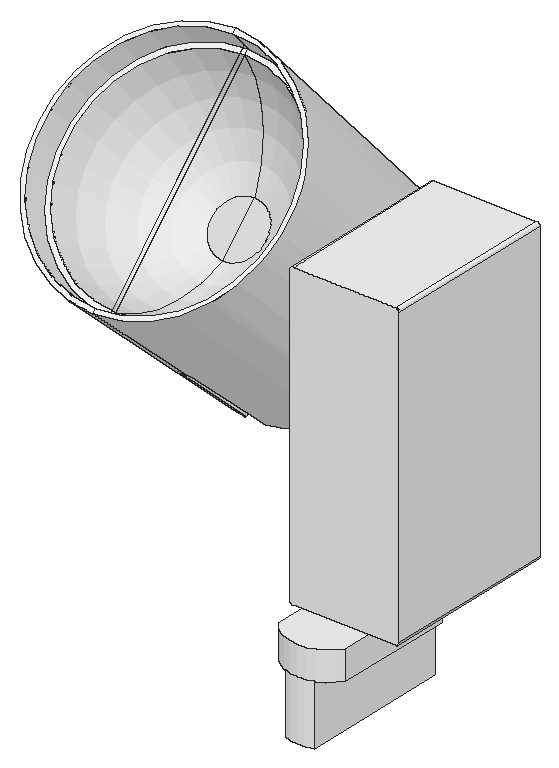
Revit family "0004938 Feilo Sylvania Lighting Fixture START TRACK SPOT L DALI 4824LM 940 WB WHT", category Lighting Fixtures, host Face, Revit 2017
Family settings
  Host = Face
  Round Connector Dimension = Use Diameter
  Part Type = Normal
  OmniClass Number = 23.80.70.00
  OmniClass Title = Lighting
  Cut with Voids When Loaded = No
  Light Source = No
  Shared = No
  Room Calculation Point = No
Parameters (values of type "0004938 START TRACK SPOT L DALI 4824LM 940 WB WHT")
  Weight = "1.398 kg"
  Wattage Comments = ""
  WarrantyStartDate [instance] = "n/a"
  WarrantyGuarantorParts = "n/a"
  WarrantyDurationUnit = "n/a"
  WarrantyDurationParts = "n/a"
  WarrantyDescription = "n/a"
  Voltage = 230 V
  URL = "http://www.sylvania-lighting.com/"
  TypeName = "START TRACK SPOT L DALI 4824LM 940 WB WHT"
  TypeHead_FEILO = Start Track Spot Head : 0004882 START TRACK SPOT L 55W 4K RA90 WB WHITE
  TypeBox_FEILO = Start Track Spot Box : Type Large White
  Type Image = <None>
  Type Comments = "n/a"
  VerticalRotation_FEILO [instance] = 0.00°
  SlideEndAngle_FEILO [instance] = VerticalRotation_FEILO + 180.00°  # 180.00°
  SerialNumber [instance] = "n/a"
  Material_3_FEILO = none
  PowerFactor = 0.96
  PowerConsumption = "55 W"
  NominalLength = 0 mm
  NominalHeight = 240 mm
  NominalDepth = 164 mm
  Name = "START TRACK SPOT L DALI 4824LM 940 WB WHT"
  ModelReference = Name  # "START TRACK SPOT L DALI 4824LM 940 WB WHT"
  ModelNumber = "0004938"
  Model = Name  # "START TRACK SPOT L DALI 4824LM 940 WB WHT"
  Material = "adc12 aluminium housing, polycarbonate diffuser"
  ManufacturerName = "Feilo Sylvania"
  Manufacturer = "Feilo Sylvania"
  LuminousEfficacy = "88 lm/W"
  LuminaireType = ""
  LightOutputRatio = "100"
  LampsType = Lamp  # "LED"
  LampNominalLuminous = "4824 lm"
  LampMacAdamStep = "3"
  LampColourTemperature = "4000 K"
  LampColourRenderingIndex = "90"
  Lamp = "LED"
  Keynote = "16500"
  InstallationDate [instance] = "n/a"
  InputVoltage = "230-240V~"
  InputNominalFrequency = "50/60 Hz"
  IngressProtection = "IP20"
  ImpactProtectionIndex = "IK02"
  IfcExportType = "IfcLightFixtureType"
  IfcExportAs = "IfcLightFixtureType"
  HorizontalRotation_FEILO [instance] = 45.00°
  ExpectedLife = 50000
  ElectricShockClassification = "Class II"
  DurationUnit = "hours"
  DocumentationLiterature = "http://www.sylvania-lighting.com/product/en-int/products/0004882"
  DimmingControlOptions = "Dimmable"
  Material_2_FEILO = none
  Description = "Integrated LED spotlight, Textured White - RAL9016, compact and minimalist design, ideal for retail applications, die-cast aluminium body, passive cooling heatsink. Beam angle: 52°, color temperature: 4000K , total system power: 55W, total fixture output: 4824 lm, LOR: 100%, colour rendering: Ra: 90 typical, LED Chromaticity: 3 step MacAdam ellipse, lifetime: >50000 hours at L70B50, energy class: A++, A+, A, IR/UV free light source without heat radiation, operating voltage: 220-240V / 50-60Hz, drive current: 1400mA, electronic driver, non-dimmable, power factor: 0.96, electrical protection: Class II, Global Track 3 Phase adapter suitable for Global trac 3-circuit tracks, ingress protection rating: IP20, suitable for internal environment only, horizontal rotation: 355°, vertical tilt: 90°, dimensions: Ø113x164x240, weight: 1.398kg."
  Default Elevation = 1219.2 mm
  CreatedOn = "04/26/2018"
  CreatedBy = ""
  Cost = 0
  built-in parameter 1114216 [instance] = (empty or 0)
  ClassificationValue = "EF_70_80"
  ClassificationName = "Uniclass2015"
  Material_1_FEILO = Body-Sylvania-StartTrackSpot-White
  BarCode [instance] = "n/a"
  AssetType = "Fixed"
  AssetIdentifier [instance] = "n/a"
  Assembly Code = "D5020200"
  Apparent Load = 55 VA
  Material_4_FEILO = none
Reference planes
  plane 1 "Center (Front/Back)": y = 0
  plane 2: z = 0
  plane 3 "Center (Left/Right)": x = 0
  plane 4: x = 15
  plane 5: x = -15
  plane 6: y = 35
  plane 7: y = -35
  plane 8: z = 13
  plane 9: z = -27
  plane 10: x = 6.5
  plane 11: x = -6.5
  plane 12: y = 27
  plane 13: y = -27
  plane 14: y = 20
Forms (mm)
  Extrusion 1, solid, material "Body-Sylvania-StartTrackSpot-White" <- "Material_1_FEILO"
    sketch origin (0, 0, 0) x (1, 0, 0) y (0, 1, 0)
      loop
        line (-15, 27) -> (-15, -27)
        arc (-15, -27) -> (0, -35) -> (15, -27) r 18.062
        line (15, -27) -> (15, 27)
        arc (15, 27) -> (0, 35) -> (-15, 27) r 18.062
    from 0 to 13
  Extrusion 2, solid, material "Body-Sylvania-StartTrackSpot-White" <- "Material_1_FEILO"
    sketch origin (0, 0, 0) x (1, 0, 0) y (0, 1, 0)
      loop
        arc (6.5, 33.79) -> (0, 35) -> (-6.5, 33.79) r 18.062
        line (-6.5, 33.79) -> (-6.5, -33.79)
        arc (-6.5, -33.79) -> (0, -35) -> (6.5, -33.79) r 18.062
        line (6.5, -33.79) -> (6.5, 33.79)
    from 0 to -27
  Revolve 3, solid, not visible
    sketch origin (1524, 20, 1219.2) x (1, 0, 0) y (0, 0, 1)
      loop
        line (-1524, -1206.2) -> (-1524, -1191.285) -> (-1530.5, -1191.285) -> (-1530.5, -1206.2) -> (-1524, -1206.2)
      axis (-1524, -1191.285) -> (-1524, -1206.2)
    angle from 0 <- "VerticalRotation_FEILO" to 180 <- "SlideEndAngle_FEILO"
Cuts and joins
  joined: Extrusion 1, Extrusion 2
Dimensions and locks
  equal spacing: plane 10, plane 3 "Center (Left/Right)", plane 11
  equal spacing: plane 4, plane 3 "Center (Left/Right)", plane 5
  locked: plane 8 to plane 2 at 13
  locked: plane 8 to plane 9 at 40
  equal spacing: plane 13, plane 1 "Center (Front/Back)", plane 12
  locked: plane 12 to plane 6 at 8
  locked: plane 14 to plane 6 at 15
  locked: Revolve 3 sketch curve to plane 8 at 14.915
  aligned and locked: plane 2 to host face
  aligned and locked: level to host face
  aligned and locked: plane 5 to Extrusion 1 sketch curve  (x2)
  aligned and locked: plane 12 to Extrusion 1 sketch curve
  aligned and locked: plane 13 to Extrusion 1 sketch curve
  aligned and locked: plane 4 to Extrusion 1 sketch curve
  aligned and locked: Extrusion 1 to plane 8
  aligned and locked: Extrusion 1 to level
  aligned and locked: Extrusion 2 sketch curve to Extrusion 1  (x2)
  aligned and locked: Extrusion 2 sketch curve to plane 11
  aligned and locked: plane 10 to Extrusion 2 sketch curve
  aligned and locked: plane 9 to Extrusion 2
  aligned and locked: level to Extrusion 2
  aligned and locked: Revolve 3 sketch curve to plane 3 "Center (Left/Right)"  (x2)
  aligned and locked: plane 11 to Revolve 3 sketch curve
  aligned and locked: Revolve 3 sketch curve to plane 8
Automatic sketch dimensions
  host sketch curve to host sketch curve = 2438.4 mm  (x2)
  Extrusion 1 sketch curve to plane 3 "Center (Left/Right)" = 0 mm  (x2)
  Extrusion 1 sketch curve to plane 13 = 10.062 mm
  plane 12 to Extrusion 1 sketch curve = 10.062 mm
  Revolve 3 sketch curve to plane 3 "Center (Left/Right)" = 0 mm
  plane 9 to Revolve 3 sketch curve = 582.6 mm
  Revolve 3 sketch curve to Revolve 3 sketch curve = 2581.144 mm
Nested families
  nested 1: "Start Track Spot Head" at (-75.5, 20, 133) x (0, 0.7071, 0.7071) z (0, 0.7071, -0.7071), type <- "TypeHead_FEILO", type "0004882 START TRACK SPOT L 55W 4K RA90 WB WHITE"
    with built-in parameter 1114216 (empty or 0)
  nested 2: "Start Track Spot Box" at (8.5, 20, 85) x (-1, 0, 0) z (0, -1, 0), BoxStartAngle_FEILO <- "HorizontalRotation_FEILO", type <- "TypeBox_FEILO", type "Type Large White"
    with BoxStartAngle_FEILO 45.00°, BoxEndAngle_FEILO -135.00°
Connectors
  electrical at (0, 0, 0), driven by "Apparent Load", driven by "PowerFactor", driven by "Voltage"
    settings: index 1, voltage 230 V, apparent load 55 VA, apparent load phase1 0 VA, apparent load phase2 0 VA, apparent load phase3 0 VA, power factor 0.96, load classification "Lighting", number of poles 1, system type 30, power factor state 1, is connector primary yes, connector utility no, sub classification motor no, connector description ""
Definition of nested family "Start Track Spot Head"
  Parameters (values of type "0004811 START TRACK SPOT S 14W 3K RA80 NB WHITE")
    Wattage Comments = "n/a"
    Wattage = 14 W
    built-in parameter 1150110 = 1 (stored number, unit not read)
    URL = "http://www.feilosylvania.com"
    Type Image = (empty or 0)
    Type Comments = "n/a"
    built-in parameter 1114217 = 1 (stored number, unit not read)
    Tilt Angle = -90.00°
    built-in parameter 1150109 = 1 (stored number, unit not read)
    built-in parameter 1150134 = (empty or 0)
    built-in parameter 1150113 = 1 (stored number, unit not read)
    Photometric Web File = "0004811.ies"
    Material_3_FEILO = none
    Model = "START TRACK SPOT S 14W 3K RA80 NB WHITE"
    Manufacturer = "Feilo Sylvania"
    built-in parameter 1150105 = 123.66 (stored number, unit not read)
    Lumens = 1554 lm
    built-in parameter 1150115 = 1 (stored number, unit not read)
    built-in parameter 1150137 = (empty or 0)
    built-in parameter 1150139 = (empty or 0)
    built-in parameter 1150112 = 1 (stored number, unit not read)
    built-in parameter 1150114 = 1 (stored number, unit not read)
    Lamp = "LED"
    Keynote = "16500"
    Material_2_FEILO = none
    built-in parameter 1150132 = (empty or 0)
    built-in parameter 1150102 = (empty or 0)
    built-in parameter 1150107 = 3000 (stored number, unit not read)
    built-in parameter 1150138 = (empty or 0)
    built-in parameter 1150106 = 1.2366 (stored number, unit not read)
    HeadThickness_FEILO = if(HeadDiaOut_FEILO > 112 mm, 2 mm, 1.5 mm)  # 1.5 mm
    HeadRibOffset_FEILO = HeadHeight_FEILO / 28  # 4.179 mm
    HeadRibDepth_FEILO = HeadHeight_FEILO / 2.1  # 55.714 mm
    HeadRibCutWidth_FEILO = HeadDiaOut_FEILO / 12  # 7.167 mm
    HeadRibCutOffset_FEILO = HeadHeight_FEILO / 2.3  # 50.87 mm
    HeadReflectorRadius_FEILO = HeadDiaOut_FEILO / 1.7  # 50.588 mm
    HeadReflectorOffset_FEILO = HeadHeight_FEILO / 2.1  # 55.714 mm
    HeadLEDRadius_FEILO = HeadDiaOut_FEILO / 9  # 9.556 mm
    HeadHeight_FEILO = 117 mm
    HeadDraft_FEILO = 1 mm
    HeadDiffusorThickness_FEILO = 3 mm
    HeadDiffusorOffset_FEILO = HeadHeight_FEILO / 12.4  # 9.435 mm
    HeadDiaOut_FEILO = 86 mm
    HeadDiaIn_FEILO = HeadDiaOut_FEILO / 1.11  # 77.477 mm
    HeadAxisFromTop_FEILO = HeadHeight_FEILO / 1.687  # 69.354 mm
    Emit from Circle Diameter = HeadDiaIn_FEILO  # 77.477 mm
    Emit Shape Visible in Rendering = no
    built-in parameter 1150104 = 10.312 (stored number, unit not read)
    Dimming Lamp Color Temperature Shift = (empty or 0)
    Description = "Integrated LED spotlight, Textured White - RAL9016, compact and minimalist design, ideal for retail applications, die-cast aluminium body, passive cooling heatsink. Beam angle: 12°, color temperature: 3000K , total system power: 14W, total fixture output: 1551 lm, LOR: 100%, colour rendering: Ra: 80 typical, LED Chromaticity: 3 step MacAdam ellipse, lifetime: >50000 hours at L70B50, energy class: A++, A+, A, IR/UV free light source without heat radiation, operating voltage: 220-240V / 50-60Hz, drive current: 350mA, electronic driver, non-dimmable, power factor: 0.92, electrical protection: Class II, Global Track 3 Phase adapter suitable for Global trac 3-circuit tracks, ingress protection rating: IP20, suitable for internal environment only, horizontal rotation: 355°, vertical tilt: 90°, dimensions: Ø86x140x200, weight: 0.940kg."
    Default Elevation = 1219.2 mm
    Cost = 0
    Color Filter = 16777215
    built-in parameter 1114216 [instance] = (empty or 0)
    Material_1_FEILO = none
    built-in parameter 1114218 = 1 (stored number, unit not read)
    built-in parameter 1150133 = 10 (stored number, unit not read)
    Assembly Code = "D5020200"
    Apparent Load = 14 VA
    Material_4_FEILO = none
  Types (96, lengths in mm): name | Wattage | built-in parameter 1150134 | Photometric Web File | Model | built-in parameter 1150105 | Lumens | built-in parameter 1150107 | built-in parameter 1150106 | HeadThickness_FEILO | HeadRibOffset_FEILO | HeadRibDepth_FEILO | HeadRibCutWidth_FEILO | HeadRibCutOffset_FEILO | HeadReflectorRadius_FEILO | HeadReflectorOffset_FEILO | HeadLEDRadius_FEILO | HeadHeight_FEILO | HeadDiffusorOffset_FEILO | HeadDiaOut_FEILO | HeadDiaIn_FEILO | HeadAxisFromTop_FEILO | Emit from Circle Diameter | built-in parameter 1150104 | Description | Apparent Load
    0004906 START TRACK SPOT L 55W 4K RA90 WB BLACK | 55 W | 12 | "0004906.ies" | "START TRACK SPOT L 55W 4K RA90 WB BLACK" | 385.15 (stored number, unit not read) | 4840 lm | 4000 (stored number, unit not read) | 3.8515 (stored number, unit not read) | 2 | 4.429 | 59.048 | 9.417 | 53.913 | 66.471 | 59.048 | 12.556 | 124 | 10 | 113 | 101.802 | 73.503 | 101.802 | 8.1755 (stored number, unit not read) | "Integrated LED spotlight, Textured Black - RAL9005, compact and minimalist design, ideal for retail applications, die-cast aluminium body, passive cooling heatsink. Beam angle: 52°, color temperature: 4000K , total system power: 55W, total fixture output: 4824 lm, LOR: 100%, colour rendering: Ra: 90 typical, LED Chromaticity: 3 step MacAdam ellipse, lifetime: >50000 hours at L70B50, energy class: A++, A+, A, IR/UV free light source without heat radiation, operating voltage: 220-240V / 50-60Hz, drive current: 1400mA, electronic driver, non-dimmable, power factor: 0.96, electrical protection: Class II, Global Track 3 Phase adapter suitable for Global trac 3-circuit tracks, ingress protection rating: IP20, suitable for internal environment only, horizontal rotation: 355°, vertical tilt: 90°, dimensions: Ø113x164x240, weight: 1.398kg." | 55 VA
    0004905 START TRACK SPOT L 55W 4K RA90 MB BLACK | 55 W | 12 | "0004905.ies" | "START TRACK SPOT L 55W 4K RA90 MB BLACK" | 389.53 (stored number, unit not read) | 4895 lm | 4000 (stored number, unit not read) | 3.8953 (stored number, unit not read) | 2 | 4.429 | 59.048 | 9.417 | 53.913 | 66.471 | 59.048 | 12.556 | 124 | 10 | 113 | 101.802 | 73.503 | 101.802 | 8.2684 (stored number, unit not read) | "Integrated LED spotlight, Textured Black - RAL9005, compact and minimalist design, ideal for retail applications, die-cast aluminium body, passive cooling heatsink. Beam angle: 38°, color temperature: 4000K , total system power: 55W, total fixture output: 4897 lm, LOR: 100%, colour rendering: Ra: 90 typical, LED Chromaticity: 3 step MacAdam ellipse, lifetime: >50000 hours at L70B50, energy class: A++, A+, A, IR/UV free light source without heat radiation, operating voltage: 220-240V / 50-60Hz, drive current: 1400mA, electronic driver, non-dimmable, power factor: 0.96, electrical protection: Class II, Global Track 3 Phase adapter suitable for Global trac 3-circuit tracks, ingress protection rating: IP20, suitable for internal environment only, horizontal rotation: 355°, vertical tilt: 90°, dimensions: Ø113x164x240, weight: 1.398kg." | 55 VA
    0004904 START TRACK SPOT L 55W 4K RA90 NB BLACK | 55 W | 12 | "0004904.ies" | "START TRACK SPOT L 55W 4K RA90 NB BLACK" | 393.91 (stored number, unit not read) | 4950 lm | 4000 (stored number, unit not read) | 3.9391 (stored number, unit not read) | 2 | 4.429 | 59.048 | 9.417 | 53.913 | 66.471 | 59.048 | 12.556 | 124 | 10 | 113 | 101.802 | 73.503 | 101.802 | 8.3613 (stored number, unit not read) | "Integrated LED spotlight, Textured Black - RAL9005, compact and minimalist design, ideal for retail applications, die-cast aluminium body, passive cooling heatsink. Beam angle: 15°, color temperature: 4000K , total system power: 55W, total fixture output: 4965 lm, LOR: 100%, colour rendering: Ra: 90 typical, LED Chromaticity: 3 step MacAdam ellipse, lifetime: >50000 hours at L70B50, energy class: A++, A+, A, IR/UV free light source without heat radiation, operating voltage: 220-240V / 50-60Hz, drive current: 1400mA, electronic driver, non-dimmable, power factor: 0.96, electrical protection: Class II, Global Track 3 Phase adapter suitable for Global trac 3-circuit tracks, ingress protection rating: IP20, suitable for internal environment only, horizontal rotation: 355°, vertical tilt: 90°, dimensions: Ø113x164x240, weight: 1.398kg." | 55 VA
    0004903 START TRACK SPOT L 35W 4K RA90 WB BLACK | 35 W | 12 | "0004903.ies" | "START TRACK SPOT L 35W 4K RA90 WB BLACK" | 284.09 (stored number, unit not read) | 3570 lm | 4000 (stored number, unit not read) | 2.8409 (stored number, unit not read) | 2 | 4.429 | 59.048 | 9.417 | 53.913 | 66.471 | 59.048 | 12.556 | 124 | 10 | 113 | 101.802 | 73.503 | 101.802 | 9.4761 (stored number, unit not read) | "Integrated LED spotlight, Textured Black - RAL9005, compact and minimalist design, ideal for retail applications, die-cast aluminium body, passive cooling heatsink. Beam angle: 52°, color temperature: 4000K , total system power: 35W, total fixture output: 3562 lm, LOR: 100%, colour rendering: Ra: 90 typical, LED Chromaticity: 3 step MacAdam ellipse, lifetime: >50000 hours at L70B50, energy class: A++, A+, A, IR/UV free light source without heat radiation, operating voltage: 220-240V / 50-60Hz, drive current: 900mA, electronic driver, non-dimmable, power factor: 0.93, electrical protection: Class II, Global Track 3 Phase adapter suitable for Global trac 3-circuit tracks, ingress protection rating: IP20, suitable for internal environment only, horizontal rotation: 355°, vertical tilt: 90°, dimensions: Ø113x164x240, weight: 1.368kg." | 35 VA
    0004902 START TRACK SPOT L 35W 4K RA90 MB BLACK | 35 W | 12 | "0004902.ies" | "START TRACK SPOT L 35W 4K RA90 MB BLACK" | 286.88 (stored number, unit not read) | 3605 lm | 4000 (stored number, unit not read) | 2.8688 (stored number, unit not read) | 2 | 4.429 | 59.048 | 9.417 | 53.913 | 66.471 | 59.048 | 12.556 | 124 | 10 | 113 | 101.802 | 73.503 | 101.802 | 9.569 (stored number, unit not read) | "Integrated LED spotlight, Textured Black - RAL9005, compact and minimalist design, ideal for retail applications, die-cast aluminium body, passive cooling heatsink. Beam angle: 38°, color temperature: 4000K , total system power: 35W, total fixture output: 3616 lm, LOR: 100%, colour rendering: Ra: 90 typical, LED Chromaticity: 3 step MacAdam ellipse, lifetime: >50000 hours at L70B50, energy class: A++, A+, A, IR/UV free light source without heat radiation, operating voltage: 220-240V / 50-60Hz, drive current: 900mA, electronic driver, non-dimmable, power factor: 0.93, electrical protection: Class II, Global Track 3 Phase adapter suitable for Global trac 3-circuit tracks, ingress protection rating: IP20, suitable for internal environment only, horizontal rotation: 355°, vertical tilt: 90°, dimensions: Ø113x164x240, weight: 1.368kg." | 35 VA
    0004901 START TRACK SPOT L 35W 4K RA90 NB BLACK | 35 W | 12 | "0004901.ies" | "START TRACK SPOT L 35W 4K RA90 NB BLACK" | 286.88 (stored number, unit not read) | 3605 lm | 4000 (stored number, unit not read) | 2.8688 (stored number, unit not read) | 2 | 4.429 | 59.048 | 9.417 | 53.913 | 66.471 | 59.048 | 12.556 | 124 | 10 | 113 | 101.802 | 73.503 | 101.802 | 9.569 (stored number, unit not read) | "Integrated LED spotlight, Textured Black - RAL9005, compact and minimalist design, ideal for retail applications, die-cast aluminium body, passive cooling heatsink. Beam angle: 15°, color temperature: 4000K , total system power: 35W, total fixture output: 3593 lm, LOR: 100%, colour rendering: Ra: 90 typical, LED Chromaticity: 3 step MacAdam ellipse, lifetime: >50000 hours at L70B50, energy class: A++, A+, A, IR/UV free light source without heat radiation, operating voltage: 220-240V / 50-60Hz, drive current: 900mA, electronic driver, non-dimmable, power factor: 0.93, electrical protection: Class II, Global Track 3 Phase adapter suitable for Global trac 3-circuit tracks, ingress protection rating: IP20, suitable for internal environment only, horizontal rotation: 355°, vertical tilt: 90°, dimensions: Ø113x164x240, weight: 1.368kg." | 35 VA
    0004900 START TRACK SPOT S 24W 4K RA90 WB BLACK | 24 W | 12 | "0004900.ies" | "START TRACK SPOT S 24W 4K RA90 WB BLACK" | 166.16 (stored number, unit not read) | 2088 lm | 4000 (stored number, unit not read) | 1.6616 (stored number, unit not read) | 1.5 | 4.179 | 55.714 | 7.167 | 50.87 | 50.588 | 55.714 | 9.556 | 117 | 9.435 | 86 | 77.477 | 69.354 | 77.477 | 8.0826 (stored number, unit not read) | "Integrated LED spotlight, Textured Black - RAL9005, compact and minimalist design, ideal for retail applications, die-cast aluminium body, passive cooling heatsink. Beam angle: 64°, color temperature: 4000K , total system power: 24W, total fixture output: 2087 lm, LOR: 100%, colour rendering: Ra: 90 typical, LED Chromaticity: 3 step MacAdam ellipse, lifetime: >50000 hours at L70B50, energy class: A++, A+, A, IR/UV free light source without heat radiation, operating voltage: 220-240V / 50-60Hz, drive current: 600mA, electronic driver, non-dimmable, power factor: 0.95, electrical protection: Class II, Global Track 3 Phase adapter suitable for Global trac 3-circuit tracks, ingress protection rating: IP20, suitable for internal environment only, horizontal rotation: 355°, vertical tilt: 90°, dimensions: Ø86x140x200, weight: 0.966kg." | 24 VA
    0004899 START TRACK SPOT S 24W 4K RA90 MB BLACK | 24 W | 12 | "0004899.ies" | "START TRACK SPOT S 24W 4K RA90 MB BLACK" | 169.98 (stored number, unit not read) | 2136 lm | 4000 (stored number, unit not read) | 1.6998 (stored number, unit not read) | 1.5 | 4.179 | 55.714 | 7.167 | 50.87 | 50.588 | 55.714 | 9.556 | 117 | 9.435 | 86 | 77.477 | 69.354 | 77.477 | 8.2684 (stored number, unit not read) | "Integrated LED spotlight, Textured Black - RAL9005, compact and minimalist design, ideal for retail applications, die-cast aluminium body, passive cooling heatsink. Beam angle: 36°, color temperature: 4000K , total system power: 24W, total fixture output: 2141 lm, LOR: 100%, colour rendering: Ra: 90 typical, LED Chromaticity: 3 step MacAdam ellipse, lifetime: >50000 hours at L70B50, energy class: A++, A+, A, IR/UV free light source without heat radiation, operating voltage: 220-240V / 50-60Hz, drive current: 600mA, electronic driver, non-dimmable, power factor: 0.95, electrical protection: Class II, Global Track 3 Phase adapter suitable for Global trac 3-circuit tracks, ingress protection rating: IP20, suitable for internal environment only, horizontal rotation: 355°, vertical tilt: 90°, dimensions: Ø86x140x200, weight: 0.966kg." | 24 VA
    0004898 START TRACK SPOT S 24W 4K RA90 NB BLACK | 24 W | 12 | "0004898.ies" | "START TRACK SPOT S 24W 4K RA90 NB BLACK" | 171.89 (stored number, unit not read) | 2160 lm | 4000 (stored number, unit not read) | 1.7189 (stored number, unit not read) | 1.5 | 4.179 | 55.714 | 7.167 | 50.87 | 50.588 | 55.714 | 9.556 | 117 | 9.435 | 86 | 77.477 | 69.354 | 77.477 | 8.3613 (stored number, unit not read) | "Integrated LED spotlight, Textured Black - RAL9005, compact and minimalist design, ideal for retail applications, die-cast aluminium body, passive cooling heatsink. Beam angle: 12°, color temperature: 4000K , total system power: 24W, total fixture output: 2155 lm, LOR: 100%, colour rendering: Ra: 90 typical, LED Chromaticity: 3 step MacAdam ellipse, lifetime: >50000 hours at L70B50, energy class: A++, A+, A, IR/UV free light source without heat radiation, operating voltage: 220-240V / 50-60Hz, drive current: 600mA, electronic driver, non-dimmable, power factor: 0.95, electrical protection: Class II, Global Track 3 Phase adapter suitable for Global trac 3-circuit tracks, ingress protection rating: IP20, suitable for internal environment only, horizontal rotation: 355°, vertical tilt: 90°, dimensions: Ø86x140x200, weight: 0.966kg." | 24 VA
    0004897 START TRACK SPOT S 14W 4K RA90 WB BLACK | 14 W | 12 | "0004897.ies" | "START TRACK SPOT S 14W 4K RA90 WB BLACK" | 108.07 (stored number, unit not read) | 1358 lm | 4000 (stored number, unit not read) | 1.0807 (stored number, unit not read) | 1.5 | 4.179 | 55.714 | 7.167 | 50.87 | 50.588 | 55.714 | 9.556 | 117 | 9.435 | 86 | 77.477 | 69.354 | 77.477 | 9.0116 (stored number, unit not read) | "Integrated LED spotlight, Textured Black - RAL9005, compact and minimalist design, ideal for retail applications, die-cast aluminium body, passive cooling heatsink. Beam angle: 64°, color temperature: 4000K , total system power: 14W, total fixture output: 1352 lm, LOR: 100%, colour rendering: Ra: 90 typical, LED Chromaticity: 3 step MacAdam ellipse, lifetime: >50000 hours at L70B50, energy class: A++, A+, A, IR/UV free light source without heat radiation, operating voltage: 220-240V / 50-60Hz, drive current: 350mA, electronic driver, non-dimmable, power factor: 0.92, electrical protection: Class II, Global Track 3 Phase adapter suitable for Global trac 3-circuit tracks, ingress protection rating: IP20, suitable for internal environment only, horizontal rotation: 355°, vertical tilt: 90°, dimensions: Ø86x140x200, weight: 0.940kg." | 14 VA
    0004896 START TRACK SPOT S 14W 4K RA90 MB BLACK | 14 W | 12 | "0004896.ies" | "START TRACK SPOT S 14W 4K RA90 MB BLACK" | 108.07 (stored number, unit not read) | 1358 lm | 4000 (stored number, unit not read) | 1.0807 (stored number, unit not read) | 1.5 | 4.179 | 55.714 | 7.167 | 50.87 | 50.588 | 55.714 | 9.556 | 117 | 9.435 | 86 | 77.477 | 69.354 | 77.477 | 9.0116 (stored number, unit not read) | "Integrated LED spotlight, Textured Black - RAL9005, compact and minimalist design, ideal for retail applications, die-cast aluminium body, passive cooling heatsink. Beam angle: 36°, color temperature: 4000K , total system power: 14W, total fixture output: 1359 lm, LOR: 100%, colour rendering: Ra: 90 typical, LED Chromaticity: 3 step MacAdam ellipse, lifetime: >50000 hours at L70B50, energy class: A++, A+, A, IR/UV free light source without heat radiation, operating voltage: 220-240V / 50-60Hz, drive current: 350mA, electronic driver, non-dimmable, power factor: 0.92, electrical protection: Class II, Global Track 3 Phase adapter suitable for Global trac 3-circuit tracks, ingress protection rating: IP20, suitable for internal environment only, horizontal rotation: 355°, vertical tilt: 90°, dimensions: Ø86x140x200, weight: 0.940kg." | 14 VA
    0004895 START TRACK SPOT S 14W 4K RA90 NB BLACK | 14 W | 12 | "0004895.ies" | "START TRACK SPOT S 14W 4K RA90 NB BLACK" | 106.95 (stored number, unit not read) | 1344 lm | 4000 (stored number, unit not read) | 1.0695 (stored number, unit not read) | 1.5 | 4.179 | 55.714 | 7.167 | 50.87 | 50.588 | 55.714 | 9.556 | 117 | 9.435 | 86 | 77.477 | 69.354 | 77.477 | 8.9187 (stored number, unit not read) | "Integrated LED spotlight, Textured Black - RAL9005, compact and minimalist design, ideal for retail applications, die-cast aluminium body, passive cooling heatsink. Beam angle: 12°, color temperature: 4000K , total system power: 14W, total fixture output: 1349 lm, LOR: 100%, colour rendering: Ra: 90 typical, LED Chromaticity: 3 step MacAdam ellipse, lifetime: >50000 hours at L70B50, energy class: A++, A+, A, IR/UV free light source without heat radiation, operating voltage: 220-240V / 50-60Hz, drive current: 350mA, electronic driver, non-dimmable, power factor: 0.92, electrical protection: Class II, Global Track 3 Phase adapter suitable for Global trac 3-circuit tracks, ingress protection rating: IP20, suitable for internal environment only, horizontal rotation: 355°, vertical tilt: 90°, dimensions: Ø86x140x200, weight: 0.940kg." | 14 VA
    0004894 START TRACK SPOT L 55W 3K RA90 WB BLACK | 55 W | (empty or 0) | "0004894.ies" | "START TRACK SPOT L 55W 3K RA90 WB BLACK" | 350.14 (stored number, unit not read) | 4400 lm | 3000 (stored number, unit not read) | 3.5014 (stored number, unit not read) | 2 | 4.429 | 59.048 | 9.417 | 53.913 | 66.471 | 59.048 | 12.556 | 124 | 10 | 113 | 101.802 | 73.503 | 101.802 | 7.4322 (stored number, unit not read) | "Integrated LED spotlight, Textured Black - RAL9005, compact and minimalist design, ideal for retail applications, die-cast aluminium body, passive cooling heatsink. Beam angle: 52°, color temperature: 3000K , total system power: 55W, total fixture output: 4405 lm, LOR: 100%, colour rendering: Ra: 90 typical, LED Chromaticity: 3 step MacAdam ellipse, lifetime: >50000 hours at L70B50, energy class: A++, A+, A, IR/UV free light source without heat radiation, operating voltage: 220-240V / 50-60Hz, drive current: 1400mA, electronic driver, non-dimmable, power factor: 0.96, electrical protection: Class II, Global Track 3 Phase adapter suitable for Global trac 3-circuit tracks, ingress protection rating: IP20, suitable for internal environment only, horizontal rotation: 355°, vertical tilt: 90°, dimensions: Ø113x164x240, weight: 1.398kg." | 55 VA
    0004893 START TRACK SPOT L 55W 3K RA90 MB BLACK | 55 W | (empty or 0) | "0004893.ies" | "START TRACK SPOT L 55W 3K RA90 MB BLACK" | 354.52 (stored number, unit not read) | 4455 lm | 3000 (stored number, unit not read) | 3.5452 (stored number, unit not read) | 2 | 4.429 | 59.048 | 9.417 | 53.913 | 66.471 | 59.048 | 12.556 | 124 | 10 | 113 | 101.802 | 73.503 | 101.802 | 7.5251 (stored number, unit not read) | "Integrated LED spotlight, Textured Black - RAL9005, compact and minimalist design, ideal for retail applications, die-cast aluminium body, passive cooling heatsink. Beam angle: 38°, color temperature: 3000K , total system power: 55W, total fixture output: 4448 lm, LOR: 100%, colour rendering: Ra: 90 typical, LED Chromaticity: 3 step MacAdam ellipse, lifetime: >50000 hours at L70B50, energy class: A++, A+, A, IR/UV free light source without heat radiation, operating voltage: 220-240V / 50-60Hz, drive current: 1400mA, electronic driver, non-dimmable, power factor: 0.96, electrical protection: Class II, Global Track 3 Phase adapter suitable for Global trac 3-circuit tracks, ingress protection rating: IP20, suitable for internal environment only, horizontal rotation: 355°, vertical tilt: 90°, dimensions: Ø113x164x240, weight: 1.398kg." | 55 VA
    0004892 START TRACK SPOT L 55W 3K RA90 NB BLACK | 55 W | (empty or 0) | "0004892.ies" | "START TRACK SPOT L 55W 3K RA90 NB BLACK" | 350.14 (stored number, unit not read) | 4400 lm | 3000 (stored number, unit not read) | 3.5014 (stored number, unit not read) | 2 | 4.429 | 59.048 | 9.417 | 53.913 | 66.471 | 59.048 | 12.556 | 124 | 10 | 113 | 101.802 | 73.503 | 101.802 | 7.4322 (stored number, unit not read) | "Integrated LED spotlight, Textured Black - RAL9005, compact and minimalist design, ideal for retail applications, die-cast aluminium body, passive cooling heatsink. Beam angle: 15°, color temperature: 3000K , total system power: 55W, total fixture output: 4416 lm, LOR: 100%, colour rendering: Ra: 90 typical, LED Chromaticity: 3 step MacAdam ellipse, lifetime: >50000 hours at L70B50, energy class: A++, A+, A, IR/UV free light source without heat radiation, operating voltage: 220-240V / 50-60Hz, drive current: 1400mA, electronic driver, non-dimmable, power factor: 0.96, electrical protection: Class II, Global Track 3 Phase adapter suitable for Global trac 3-circuit tracks, ingress protection rating: IP20, suitable for internal environment only, horizontal rotation: 355°, vertical tilt: 90°, dimensions: Ø113x164x240, weight: 1.398kg." | 55 VA
    0004891 START TRACK SPOT L 35W 3K RA90 WB BLACK | 35 W | (empty or 0) | "0004891.ies" | "START TRACK SPOT L 35W 3K RA90 WB BLACK" | 259.02 (stored number, unit not read) | 3255 lm | 3000 (stored number, unit not read) | 2.5902 (stored number, unit not read) | 2 | 4.429 | 59.048 | 9.417 | 53.913 | 66.471 | 59.048 | 12.556 | 124 | 10 | 113 | 101.802 | 73.503 | 101.802 | 8.64 (stored number, unit not read) | "Integrated LED spotlight, Textured Black - RAL9005, compact and minimalist design, ideal for retail applications, die-cast aluminium body, passive cooling heatsink. Beam angle: 52°, color temperature: 3000K , total system power: 35W, total fixture output: 3260 lm, LOR: 100%, colour rendering: Ra: 90 typical, LED Chromaticity: 3 step MacAdam ellipse, lifetime: >50000 hours at L70B50, energy class: A++, A+, A, IR/UV free light source without heat radiation, operating voltage: 220-240V / 50-60Hz, drive current: 900mA, electronic driver, non-dimmable, power factor: 0.93, electrical protection: Class II, Global Track 3 Phase adapter suitable for Global trac 3-circuit tracks, ingress protection rating: IP20, suitable for internal environment only, horizontal rotation: 355°, vertical tilt: 90°, dimensions: Ø113x164x240, weight: 1.368kg." | 35 VA
    0004890 START TRACK SPOT L 35W 3K RA90 MB BLACK | 35 W | (empty or 0) | "0004890.ies" | "START TRACK SPOT L 35W 3K RA90 MB BLACK" | 261.81 (stored number, unit not read) | 3290 lm | 3000 (stored number, unit not read) | 2.6181 (stored number, unit not read) | 2 | 4.429 | 59.048 | 9.417 | 53.913 | 66.471 | 59.048 | 12.556 | 124 | 10 | 113 | 101.802 | 73.503 | 101.802 | 8.7329 (stored number, unit not read) | "Integrated LED spotlight, Textured Black - RAL9005, compact and minimalist design, ideal for retail applications, die-cast aluminium body, passive cooling heatsink. Beam angle: 38°, color temperature: 3000K , total system power: 35W, total fixture output: 3306 lm, LOR: 100%, colour rendering: Ra: 90 typical, LED Chromaticity: 3 step MacAdam ellipse, lifetime: >50000 hours at L70B50, energy class: A++, A+, A, IR/UV free light source without heat radiation, operating voltage: 220-240V / 50-60Hz, drive current: 900mA, electronic driver, non-dimmable, power factor: 0.93, electrical protection: Class II, Global Track 3 Phase adapter suitable for Global trac 3-circuit tracks, ingress protection rating: IP20, suitable for internal environment only, horizontal rotation: 355°, vertical tilt: 90°, dimensions: Ø113x164x240, weight: 1.368kg." | 35 VA
    0004889 START TRACK SPOT L 35W 3K RA90 NB BLACK | 35 W | (empty or 0) | "0004889.ies" | "START TRACK SPOT L 35W 3K RA90 NB BLACK" | 261.81 (stored number, unit not read) | 3290 lm | 3000 (stored number, unit not read) | 2.6181 (stored number, unit not read) | 2 | 4.429 | 59.048 | 9.417 | 53.913 | 66.471 | 59.048 | 12.556 | 124 | 10 | 113 | 101.802 | 73.503 | 101.802 | 8.7329 (stored number, unit not read) | "Integrated LED spotlight, Textured Black - RAL9005, compact and minimalist design, ideal for retail applications, die-cast aluminium body, passive cooling heatsink. Beam angle: 15°, color temperature: 3000K , total system power: 35W, total fixture output: 3287 lm, LOR: 100%, colour rendering: Ra: 90 typical, LED Chromaticity: 3 step MacAdam ellipse, lifetime: >50000 hours at L70B50, energy class: A++, A+, A, IR/UV free light source without heat radiation, operating voltage: 220-240V / 50-60Hz, drive current: 900mA, electronic driver, non-dimmable, power factor: 0.93, electrical protection: Class II, Global Track 3 Phase adapter suitable for Global trac 3-circuit tracks, ingress protection rating: IP20, suitable for internal environment only, horizontal rotation: 355°, vertical tilt: 90°, dimensions: Ø113x164x240, weight: 1.368kg." | 35 VA
    0004888 START TRACK SPOT S 24W 3K RA90 WB BLACK | 24 W | (empty or 0) | "0004888.ies" | "START TRACK SPOT S 24W 3K RA90 WB BLACK" | 152.79 (stored number, unit not read) | 1920 lm | 3000 (stored number, unit not read) | 1.5279 (stored number, unit not read) | 1.5 | 4.179 | 55.714 | 7.167 | 50.87 | 50.588 | 55.714 | 9.556 | 117 | 9.435 | 86 | 77.477 | 69.354 | 77.477 | 7.4322 (stored number, unit not read) | "Integrated LED spotlight, Textured Black - RAL9005, compact and minimalist design, ideal for retail applications, die-cast aluminium body, passive cooling heatsink. Beam angle: 64°, color temperature: 3000K , total system power: 24W, total fixture output: 1928 lm, LOR: 100%, colour rendering: Ra: 90 typical, LED Chromaticity: 3 step MacAdam ellipse, lifetime: >50000 hours at L70B50, energy class: A++, A+, A, IR/UV free light source without heat radiation, operating voltage: 220-240V / 50-60Hz, drive current: 600mA, electronic driver, non-dimmable, power factor: 0.95, electrical protection: Class II, Global Track 3 Phase adapter suitable for Global trac 3-circuit tracks, ingress protection rating: IP20, suitable for internal environment only, horizontal rotation: 355°, vertical tilt: 90°, dimensions: Ø86x140x200, weight: 0.966kg." | 24 VA
    0004887 START TRACK SPOT S 24W 3K RA90 MB BLACK | 24 W | (empty or 0) | "0004887.ies" | "START TRACK SPOT S 24W 3K RA90 MB BLACK" | 154.7 (stored number, unit not read) | 1944 lm | 3000 (stored number, unit not read) | 1.547 (stored number, unit not read) | 1.5 | 4.179 | 55.714 | 7.167 | 50.87 | 50.588 | 55.714 | 9.556 | 117 | 9.435 | 86 | 77.477 | 69.354 | 77.477 | 7.5251 (stored number, unit not read) | "Integrated LED spotlight, Textured Black - RAL9005, compact and minimalist design, ideal for retail applications, die-cast aluminium body, passive cooling heatsink. Beam angle: 36°, color temperature: 3000K , total system power: 24W, total fixture output: 1944 lm, LOR: 100%, colour rendering: Ra: 90 typical, LED Chromaticity: 3 step MacAdam ellipse, lifetime: >50000 hours at L70B50, energy class: A++, A+, A, IR/UV free light source without heat radiation, operating voltage: 220-240V / 50-60Hz, drive current: 600mA, electronic driver, non-dimmable, power factor: 0.95, electrical protection: Class II, Global Track 3 Phase adapter suitable for Global trac 3-circuit tracks, ingress protection rating: IP20, suitable for internal environment only, horizontal rotation: 355°, vertical tilt: 90°, dimensions: Ø86x140x200, weight: 0.966kg." | 24 VA
    0004886 START TRACK SPOT S 24W 3K RA90 NB BLACK | 24 W | (empty or 0) | "0004886.ies" | "START TRACK SPOT S 24W 3K RA90 NB BLACK" | 158.52 (stored number, unit not read) | 1992 lm | 3000 (stored number, unit not read) | 1.5852 (stored number, unit not read) | 1.5 | 4.179 | 55.714 | 7.167 | 50.87 | 50.588 | 55.714 | 9.556 | 117 | 9.435 | 86 | 77.477 | 69.354 | 77.477 | 7.711 (stored number, unit not read) | "Integrated LED spotlight, Textured Black - RAL9005, compact and minimalist design, ideal for retail applications, die-cast aluminium body, passive cooling heatsink. Beam angle: 12°, color temperature: 3000K , total system power: 24W, total fixture output: 1987 lm, LOR: 100%, colour rendering: Ra: 90 typical, LED Chromaticity: 3 step MacAdam ellipse, lifetime: >50000 hours at L70B50, energy class: A++, A+, A, IR/UV free light source without heat radiation, operating voltage: 220-240V / 50-60Hz, drive current: 600mA, electronic driver, non-dimmable, power factor: 0.95, electrical protection: Class II, Global Track 3 Phase adapter suitable for Global trac 3-circuit tracks, ingress protection rating: IP20, suitable for internal environment only, horizontal rotation: 355°, vertical tilt: 90°, dimensions: Ø86x140x200, weight: 0.966kg." | 24 VA
    0004885 START TRACK SPOT S 14W 3K RA90 WB BLACK | 14 W | (empty or 0) | "0004885.ies" | "START TRACK SPOT S 14W 3K RA90 WB BLACK" | 100.27 (stored number, unit not read) | 1260 lm | 3000 (stored number, unit not read) | 1.0027 (stored number, unit not read) | 1.5 | 4.179 | 55.714 | 7.167 | 50.87 | 50.588 | 55.714 | 9.556 | 117 | 9.435 | 86 | 77.477 | 69.354 | 77.477 | 8.3613 (stored number, unit not read) | "Integrated LED spotlight, Textured Black - RAL9005, compact and minimalist design, ideal for retail applications, die-cast aluminium body, passive cooling heatsink. Beam angle: 64°, color temperature: 3000K , total system power: 14W, total fixture output: 1262 lm, LOR: 100%, colour rendering: Ra: 90 typical, LED Chromaticity: 3 step MacAdam ellipse, lifetime: >50000 hours at L70B50, energy class: A++, A+, A, IR/UV free light source without heat radiation, operating voltage: 220-240V / 50-60Hz, drive current: 350mA, electronic driver, non-dimmable, power factor: 0.92, electrical protection: Class II, Global Track 3 Phase adapter suitable for Global trac 3-circuit tracks, ingress protection rating: IP20, suitable for internal environment only, horizontal rotation: 355°, vertical tilt: 90°, dimensions: Ø86x140x200, weight: 0.940kg." | 14 VA
    0004884 START TRACK SPOT S 14W 3K RA90 MB BLACK | 14 W | (empty or 0) | "0004884.ies" | "START TRACK SPOT S 14W 3K RA90 MB BLACK" | 100.27 (stored number, unit not read) | 1260 lm | 3000 (stored number, unit not read) | 1.0027 (stored number, unit not read) | 1.5 | 4.179 | 55.714 | 7.167 | 50.87 | 50.588 | 55.714 | 9.556 | 117 | 9.435 | 86 | 77.477 | 69.354 | 77.477 | 8.3613 (stored number, unit not read) | "Integrated LED spotlight, Textured Black - RAL9005, compact and minimalist design, ideal for retail applications, die-cast aluminium body, passive cooling heatsink. Beam angle: 36°, color temperature: 3000K , total system power: 14W, total fixture output: 1262 lm, LOR: 100%, colour rendering: Ra: 90 typical, LED Chromaticity: 3 step MacAdam ellipse, lifetime: >50000 hours at L70B50, energy class: A++, A+, A, IR/UV free light source without heat radiation, operating voltage: 220-240V / 50-60Hz, drive current: 350mA, electronic driver, non-dimmable, power factor: 0.92, electrical protection: Class II, Global Track 3 Phase adapter suitable for Global trac 3-circuit tracks, ingress protection rating: IP20, suitable for internal environment only, horizontal rotation: 355°, vertical tilt: 90°, dimensions: Ø86x140x200, weight: 0.940kg." | 14 VA
    0004883 START TRACK SPOT S 14W 3K RA90 NB BLACK | 14 W | (empty or 0) | "0004883.ies" | "START TRACK SPOT S 14W 3K RA90 NB BLACK" | 102.5 (stored number, unit not read) | 1288 lm | 3000 (stored number, unit not read) | 1.025 (stored number, unit not read) | 1.5 | 4.179 | 55.714 | 7.167 | 50.87 | 50.588 | 55.714 | 9.556 | 117 | 9.435 | 86 | 77.477 | 69.354 | 77.477 | 8.5471 (stored number, unit not read) | "Integrated LED spotlight, Textured Black - RAL9005, compact and minimalist design, ideal for retail applications, die-cast aluminium body, passive cooling heatsink. Beam angle: 12°, color temperature: 3000K , total system power: 14W, total fixture output: 1284 lm, LOR: 100%, colour rendering: Ra: 90 typical, LED Chromaticity: 3 step MacAdam ellipse, lifetime: >50000 hours at L70B50, energy class: A++, A+, A, IR/UV free light source without heat radiation, operating voltage: 220-240V / 50-60Hz, drive current: 350mA, electronic driver, non-dimmable, power factor: 0.92, electrical protection: Class II, Global Track 3 Phase adapter suitable for Global trac 3-circuit tracks, ingress protection rating: IP20, suitable for internal environment only, horizontal rotation: 355°, vertical tilt: 90°, dimensions: Ø86x140x200, weight: 0.940kg." | 14 VA
    0004882 START TRACK SPOT L 55W 4K RA90 WB WHITE | 55 W | 12 | "0004882.ies" | "START TRACK SPOT L 55W 4K RA90 WB WHITE" | 385.15 (stored number, unit not read) | 4840 lm | 4000 (stored number, unit not read) | 3.8515 (stored number, unit not read) | 2 | 4.429 | 59.048 | 9.417 | 53.913 | 66.471 | 59.048 | 12.556 | 124 | 10 | 113 | 101.802 | 73.503 | 101.802 | 8.1755 (stored number, unit not read) | "Integrated LED spotlight, Textured White - RAL9016, compact and minimalist design, ideal for retail applications, die-cast aluminium body, passive cooling heatsink. Beam angle: 52°, color temperature: 4000K , total system power: 55W, total fixture output: 4824 lm, LOR: 100%, colour rendering: Ra: 90 typical, LED Chromaticity: 3 step MacAdam ellipse, lifetime: >50000 hours at L70B50, energy class: A++, A+, A, IR/UV free light source without heat radiation, operating voltage: 220-240V / 50-60Hz, drive current: 1400mA, electronic driver, non-dimmable, power factor: 0.96, electrical protection: Class II, Global Track 3 Phase adapter suitable for Global trac 3-circuit tracks, ingress protection rating: IP20, suitable for internal environment only, horizontal rotation: 355°, vertical tilt: 90°, dimensions: Ø113x164x240, weight: 1.398kg." | 55 VA
    0004881 START TRACK SPOT L 55W 4K RA90 MB WHITE | 55 W | 12 | "0004881.ies" | "START TRACK SPOT L 55W 4K RA90 MB WHITE" | 389.53 (stored number, unit not read) | 4895 lm | 4000 (stored number, unit not read) | 3.8953 (stored number, unit not read) | 2 | 4.429 | 59.048 | 9.417 | 53.913 | 66.471 | 59.048 | 12.556 | 124 | 10 | 113 | 101.802 | 73.503 | 101.802 | 8.2684 (stored number, unit not read) | "Integrated LED spotlight, Textured White - RAL9016, compact and minimalist design, ideal for retail applications, die-cast aluminium body, passive cooling heatsink. Beam angle: 38°, color temperature: 4000K , total system power: 55W, total fixture output: 4897 lm, LOR: 100%, colour rendering: Ra: 90 typical, LED Chromaticity: 3 step MacAdam ellipse, lifetime: >50000 hours at L70B50, energy class: A++, A+, A, IR/UV free light source without heat radiation, operating voltage: 220-240V / 50-60Hz, drive current: 1400mA, electronic driver, non-dimmable, power factor: 0.96, electrical protection: Class II, Global Track 3 Phase adapter suitable for Global trac 3-circuit tracks, ingress protection rating: IP20, suitable for internal environment only, horizontal rotation: 355°, vertical tilt: 90°, dimensions: Ø113x164x240, weight: 1.398kg." | 55 VA
    0004880 START TRACK SPOT L 55W 4K RA90 NB WHITE | 55 W | 12 | "0004880.ies" | "START TRACK SPOT L 55W 4K RA90 NB WHITE" | 393.91 (stored number, unit not read) | 4950 lm | 4000 (stored number, unit not read) | 3.9391 (stored number, unit not read) | 2 | 4.429 | 59.048 | 9.417 | 53.913 | 66.471 | 59.048 | 12.556 | 124 | 10 | 113 | 101.802 | 73.503 | 101.802 | 8.3613 (stored number, unit not read) | "Integrated LED spotlight, Textured White - RAL9016, compact and minimalist design, ideal for retail applications, die-cast aluminium body, passive cooling heatsink. Beam angle: 15°, color temperature: 4000K , total system power: 55W, total fixture output: 4965 lm, LOR: 100%, colour rendering: Ra: 90 typical, LED Chromaticity: 3 step MacAdam ellipse, lifetime: >50000 hours at L70B50, energy class: A++, A+, A, IR/UV free light source without heat radiation, operating voltage: 220-240V / 50-60Hz, drive current: 1400mA, electronic driver, non-dimmable, power factor: 0.96, electrical protection: Class II, Global Track 3 Phase adapter suitable for Global trac 3-circuit tracks, ingress protection rating: IP20, suitable for internal environment only, horizontal rotation: 355°, vertical tilt: 90°, dimensions: Ø113x164x240, weight: 1.398kg." | 55 VA
    0004879 START TRACK SPOT L 35W 4K RA90 WB WHITE | 35 W | 12 | "0004879.ies" | "START TRACK SPOT L 35W 4K RA90 WB WHITE" | 284.09 (stored number, unit not read) | 3570 lm | 4000 (stored number, unit not read) | 2.8409 (stored number, unit not read) | 2 | 4.429 | 59.048 | 9.417 | 53.913 | 66.471 | 59.048 | 12.556 | 124 | 10 | 113 | 101.802 | 73.503 | 101.802 | 9.4761 (stored number, unit not read) | "Integrated LED spotlight, Textured White - RAL9016, compact and minimalist design, ideal for retail applications, die-cast aluminium body, passive cooling heatsink. Beam angle: 52°, color temperature: 4000K , total system power: 35W, total fixture output: 3562 lm, LOR: 100%, colour rendering: Ra: 90 typical, LED Chromaticity: 3 step MacAdam ellipse, lifetime: >50000 hours at L70B50, energy class: A++, A+, A, IR/UV free light source without heat radiation, operating voltage: 220-240V / 50-60Hz, drive current: 900mA, electronic driver, non-dimmable, power factor: 0.93, electrical protection: Class II, Global Track 3 Phase adapter suitable for Global trac 3-circuit tracks, ingress protection rating: IP20, suitable for internal environment only, horizontal rotation: 355°, vertical tilt: 90°, dimensions: Ø113x164x240, weight: 1.368kg." | 35 VA
    0004878 START TRACK SPOT L 35W 4K RA90 MB WHITE | 35 W | 12 | "0004878.ies" | "START TRACK SPOT L 35W 4K RA90 MB WHITE" | 286.88 (stored number, unit not read) | 3605 lm | 4000 (stored number, unit not read) | 2.8688 (stored number, unit not read) | 2 | 4.429 | 59.048 | 9.417 | 53.913 | 66.471 | 59.048 | 12.556 | 124 | 10 | 113 | 101.802 | 73.503 | 101.802 | 9.569 (stored number, unit not read) | "Integrated LED spotlight, Textured White - RAL9016, compact and minimalist design, ideal for retail applications, die-cast aluminium body, passive cooling heatsink. Beam angle: 38°, color temperature: 4000K , total system power: 35W, total fixture output: 3616 lm, LOR: 100%, colour rendering: Ra: 90 typical, LED Chromaticity: 3 step MacAdam ellipse, lifetime: >50000 hours at L70B50, energy class: A++, A+, A, IR/UV free light source without heat radiation, operating voltage: 220-240V / 50-60Hz, drive current: 900mA, electronic driver, non-dimmable, power factor: 0.93, electrical protection: Class II, Global Track 3 Phase adapter suitable for Global trac 3-circuit tracks, ingress protection rating: IP20, suitable for internal environment only, horizontal rotation: 355°, vertical tilt: 90°, dimensions: Ø113x164x240, weight: 1.368kg." | 35 VA
    0004877 START TRACK SPOT L 35W 4K RA90 NB WHITE | 35 W | 12 | "0004877.ies" | "START TRACK SPOT L 35W 4K RA90 NB WHITE" | 286.88 (stored number, unit not read) | 3605 lm | 4000 (stored number, unit not read) | 2.8688 (stored number, unit not read) | 2 | 4.429 | 59.048 | 9.417 | 53.913 | 66.471 | 59.048 | 12.556 | 124 | 10 | 113 | 101.802 | 73.503 | 101.802 | 9.569 (stored number, unit not read) | "Integrated LED spotlight, Textured White - RAL9016, compact and minimalist design, ideal for retail applications, die-cast aluminium body, passive cooling heatsink. Beam angle: 15°, color temperature: 4000K , total system power: 35W, total fixture output: 3593 lm, LOR: 100%, colour rendering: Ra: 90 typical, LED Chromaticity: 3 step MacAdam ellipse, lifetime: >50000 hours at L70B50, energy class: A++, A+, A, IR/UV free light source without heat radiation, operating voltage: 220-240V / 50-60Hz, drive current: 900mA, electronic driver, non-dimmable, power factor: 0.93, electrical protection: Class II, Global Track 3 Phase adapter suitable for Global trac 3-circuit tracks, ingress protection rating: IP20, suitable for internal environment only, horizontal rotation: 355°, vertical tilt: 90°, dimensions: Ø113x164x240, weight: 1.368kg." | 35 VA
    0004876 START TRACK SPOT S 24W 4K RA90 WB WHITE | 24 W | 12 | "0004876.ies" | "START TRACK SPOT S 24W 4K RA90 WB WHITE" | 166.16 (stored number, unit not read) | 2088 lm | 4000 (stored number, unit not read) | 1.6616 (stored number, unit not read) | 1.5 | 4.179 | 55.714 | 7.167 | 50.87 | 50.588 | 55.714 | 9.556 | 117 | 9.435 | 86 | 77.477 | 69.354 | 77.477 | 8.0826 (stored number, unit not read) | "Integrated LED spotlight, Textured White - RAL9016, compact and minimalist design, ideal for retail applications, die-cast aluminium body, passive cooling heatsink. Beam angle: 64°, color temperature: 4000K , total system power: 24W, total fixture output: 2087 lm, LOR: 100%, colour rendering: Ra: 90 typical, LED Chromaticity: 3 step MacAdam ellipse, lifetime: >50000 hours at L70B50, energy class: A++, A+, A, IR/UV free light source without heat radiation, operating voltage: 220-240V / 50-60Hz, drive current: 600mA, electronic driver, non-dimmable, power factor: 0.95, electrical protection: Class II, Global Track 3 Phase adapter suitable for Global trac 3-circuit tracks, ingress protection rating: IP20, suitable for internal environment only, horizontal rotation: 355°, vertical tilt: 90°, dimensions: Ø86x140x200, weight: 0.966kg." | 24 VA
    0004875 START TRACK SPOT S 24W 4K RA90 MB WHITE | 24 W | 12 | "0004875.ies" | "START TRACK SPOT S 24W 4K RA90 MB WHITE" | 169.98 (stored number, unit not read) | 2136 lm | 4000 (stored number, unit not read) | 1.6998 (stored number, unit not read) | 1.5 | 4.179 | 55.714 | 7.167 | 50.87 | 50.588 | 55.714 | 9.556 | 117 | 9.435 | 86 | 77.477 | 69.354 | 77.477 | 8.2684 (stored number, unit not read) | "Integrated LED spotlight, Textured White - RAL9016, compact and minimalist design, ideal for retail applications, die-cast aluminium body, passive cooling heatsink. Beam angle: 36°, color temperature: 4000K , total system power: 24W, total fixture output: 2141 lm, LOR: 100%, colour rendering: Ra: 90 typical, LED Chromaticity: 3 step MacAdam ellipse, lifetime: >50000 hours at L70B50, energy class: A++, A+, A, IR/UV free light source without heat radiation, operating voltage: 220-240V / 50-60Hz, drive current: 600mA, electronic driver, non-dimmable, power factor: 0.95, electrical protection: Class II, Global Track 3 Phase adapter suitable for Global trac 3-circuit tracks, ingress protection rating: IP20, suitable for internal environment only, horizontal rotation: 355°, vertical tilt: 90°, dimensions: Ø86x140x200, weight: 0.966kg." | 24 VA
    0004874 START TRACK SPOT S 24W 4K RA90 NB WHITE | 24 W | 12 | "0004874.ies" | "START TRACK SPOT S 24W 4K RA90 NB WHITE" | 171.89 (stored number, unit not read) | 2160 lm | 4000 (stored number, unit not read) | 1.7189 (stored number, unit not read) | 1.5 | 4.179 | 55.714 | 7.167 | 50.87 | 50.588 | 55.714 | 9.556 | 117 | 9.435 | 86 | 77.477 | 69.354 | 77.477 | 8.3613 (stored number, unit not read) | "Integrated LED spotlight, Textured White - RAL9016, compact and minimalist design, ideal for retail applications, die-cast aluminium body, passive cooling heatsink. Beam angle: 12°, color temperature: 4000K , total system power: 24W, total fixture output: 2155 lm, LOR: 100%, colour rendering: Ra: 90 typical, LED Chromaticity: 3 step MacAdam ellipse, lifetime: >50000 hours at L70B50, energy class: A++, A+, A, IR/UV free light source without heat radiation, operating voltage: 220-240V / 50-60Hz, drive current: 600mA, electronic driver, non-dimmable, power factor: 0.95, electrical protection: Class II, Global Track 3 Phase adapter suitable for Global trac 3-circuit tracks, ingress protection rating: IP20, suitable for internal environment only, horizontal rotation: 355°, vertical tilt: 90°, dimensions: Ø86x140x200, weight: 0.966kg." | 24 VA
    0004873 START TRACK SPOT S 14W 4K RA90 WB WHITE | 14 W | 12 | "0004873.ies" | "START TRACK SPOT S 14W 4K RA90 WB WHITE" | 108.07 (stored number, unit not read) | 1358 lm | 4000 (stored number, unit not read) | 1.0807 (stored number, unit not read) | 1.5 | 4.179 | 55.714 | 7.167 | 50.87 | 50.588 | 55.714 | 9.556 | 117 | 9.435 | 86 | 77.477 | 69.354 | 77.477 | 9.0116 (stored number, unit not read) | "Integrated LED spotlight, Textured White - RAL9016, compact and minimalist design, ideal for retail applications, die-cast aluminium body, passive cooling heatsink. Beam angle: 64°, color temperature: 4000K , total system power: 14W, total fixture output: 1352 lm, LOR: 100%, colour rendering: Ra: 90 typical, LED Chromaticity: 3 step MacAdam ellipse, lifetime: >50000 hours at L70B50, energy class: A++, A+, A, IR/UV free light source without heat radiation, operating voltage: 220-240V / 50-60Hz, drive current: 350mA, electronic driver, non-dimmable, power factor: 0.92, electrical protection: Class II, Global Track 3 Phase adapter suitable for Global trac 3-circuit tracks, ingress protection rating: IP20, suitable for internal environment only, horizontal rotation: 355°, vertical tilt: 90°, dimensions: Ø86x140x200, weight: 0.940kg." | 14 VA
    0004872 START TRACK SPOT S 14W 4K RA90 MB WHITE | 14 W | 12 | "0004872.ies" | "START TRACK SPOT S 14W 4K RA90 MB WHITE" | 108.07 (stored number, unit not read) | 1358 lm | 4000 (stored number, unit not read) | 1.0807 (stored number, unit not read) | 1.5 | 4.179 | 55.714 | 7.167 | 50.87 | 50.588 | 55.714 | 9.556 | 117 | 9.435 | 86 | 77.477 | 69.354 | 77.477 | 9.0116 (stored number, unit not read) | "Integrated LED spotlight, Textured White - RAL9016, compact and minimalist design, ideal for retail applications, die-cast aluminium body, passive cooling heatsink. Beam angle: 36°, color temperature: 4000K , total system power: 14W, total fixture output: 1359 lm, LOR: 100%, colour rendering: Ra: 90 typical, LED Chromaticity: 3 step MacAdam ellipse, lifetime: >50000 hours at L70B50, energy class: A++, A+, A, IR/UV free light source without heat radiation, operating voltage: 220-240V / 50-60Hz, drive current: 350mA, electronic driver, non-dimmable, power factor: 0.92, electrical protection: Class II, Global Track 3 Phase adapter suitable for Global trac 3-circuit tracks, ingress protection rating: IP20, suitable for internal environment only, horizontal rotation: 355°, vertical tilt: 90°, dimensions: Ø86x140x200, weight: 0.940kg." | 14 VA
    0004871 START TRACK SPOT S 14W 4K RA90 NB WHITE | 14 W | 12 | "0004871.ies" | "START TRACK SPOT S 14W 4K RA90 NB WHITE" | 106.95 (stored number, unit not read) | 1344 lm | 4000 (stored number, unit not read) | 1.0695 (stored number, unit not read) | 1.5 | 4.179 | 55.714 | 7.167 | 50.87 | 50.588 | 55.714 | 9.556 | 117 | 9.435 | 86 | 77.477 | 69.354 | 77.477 | 8.9187 (stored number, unit not read) | "Integrated LED spotlight, Textured White - RAL9016, compact and minimalist design, ideal for retail applications, die-cast aluminium body, passive cooling heatsink. Beam angle: 12°, color temperature: 4000K , total system power: 14W, total fixture output: 1349 lm, LOR: 100%, colour rendering: Ra: 90 typical, LED Chromaticity: 3 step MacAdam ellipse, lifetime: >50000 hours at L70B50, energy class: A++, A+, A, IR/UV free light source without heat radiation, operating voltage: 220-240V / 50-60Hz, drive current: 350mA, electronic driver, non-dimmable, power factor: 0.92, electrical protection: Class II, Global Track 3 Phase adapter suitable for Global trac 3-circuit tracks, ingress protection rating: IP20, suitable for internal environment only, horizontal rotation: 355°, vertical tilt: 90°, dimensions: Ø86x140x200, weight: 0.940kg." | 14 VA
    0004870 START TRACK SPOT L 55W 3K RA90 WB WHITE | 55 W | (empty or 0) | "0004870.ies" | "START TRACK SPOT L 55W 3K RA90 WB WHITE" | 350.14 (stored number, unit not read) | 4400 lm | 3000 (stored number, unit not read) | 3.5014 (stored number, unit not read) | 2 | 4.429 | 59.048 | 9.417 | 53.913 | 66.471 | 59.048 | 12.556 | 124 | 10 | 113 | 101.802 | 73.503 | 101.802 | 7.4322 (stored number, unit not read) | "Integrated LED spotlight, Textured White - RAL9016, compact and minimalist design, ideal for retail applications, die-cast aluminium body, passive cooling heatsink. Beam angle: 52°, color temperature: 3000K , total system power: 55W, total fixture output: 4405 lm, LOR: 100%, colour rendering: Ra: 90 typical, LED Chromaticity: 3 step MacAdam ellipse, lifetime: >50000 hours at L70B50, energy class: A++, A+, A, IR/UV free light source without heat radiation, operating voltage: 220-240V / 50-60Hz, drive current: 1400mA, electronic driver, non-dimmable, power factor: 0.96, electrical protection: Class II, Global Track 3 Phase adapter suitable for Global trac 3-circuit tracks, ingress protection rating: IP20, suitable for internal environment only, horizontal rotation: 355°, vertical tilt: 90°, dimensions: Ø113x164x240, weight: 1.398kg." | 55 VA
    0004869 START TRACK SPOT L 55W 3K RA90 MB WHITE | 55 W | (empty or 0) | "0004869.ies" | "START TRACK SPOT L 55W 3K RA90 MB WHITE" | 354.52 (stored number, unit not read) | 4455 lm | 3000 (stored number, unit not read) | 3.5452 (stored number, unit not read) | 2 | 4.429 | 59.048 | 9.417 | 53.913 | 66.471 | 59.048 | 12.556 | 124 | 10 | 113 | 101.802 | 73.503 | 101.802 | 7.5251 (stored number, unit not read) | "Integrated LED spotlight, Textured White - RAL9016, compact and minimalist design, ideal for retail applications, die-cast aluminium body, passive cooling heatsink. Beam angle: 38°, color temperature: 3000K , total system power: 55W, total fixture output: 4448 lm, LOR: 100%, colour rendering: Ra: 90 typical, LED Chromaticity: 3 step MacAdam ellipse, lifetime: >50000 hours at L70B50, energy class: A++, A+, A, IR/UV free light source without heat radiation, operating voltage: 220-240V / 50-60Hz, drive current: 1400mA, electronic driver, non-dimmable, power factor: 0.96, electrical protection: Class II, Global Track 3 Phase adapter suitable for Global trac 3-circuit tracks, ingress protection rating: IP20, suitable for internal environment only, horizontal rotation: 355°, vertical tilt: 90°, dimensions: Ø113x164x240, weight: 1.398kg." | 55 VA
    0004868 START TRACK SPOT L 55W 3K RA90 NB WHITE | 55 W | (empty or 0) | "0004868.ies" | "START TRACK SPOT L 55W 3K RA90 NB WHITE" | 350.14 (stored number, unit not read) | 4400 lm | 3000 (stored number, unit not read) | 3.5014 (stored number, unit not read) | 2 | 4.429 | 59.048 | 9.417 | 53.913 | 66.471 | 59.048 | 12.556 | 124 | 10 | 113 | 101.802 | 73.503 | 101.802 | 7.4322 (stored number, unit not read) | "Integrated LED spotlight, Textured White - RAL9016, compact and minimalist design, ideal for retail applications, die-cast aluminium body, passive cooling heatsink. Beam angle: 15°, color temperature: 3000K , total system power: 55W, total fixture output: 4416 lm, LOR: 100%, colour rendering: Ra: 90 typical, LED Chromaticity: 3 step MacAdam ellipse, lifetime: >50000 hours at L70B50, energy class: A++, A+, A, IR/UV free light source without heat radiation, operating voltage: 220-240V / 50-60Hz, drive current: 1400mA, electronic driver, non-dimmable, power factor: 0.96, electrical protection: Class II, Global Track 3 Phase adapter suitable for Global trac 3-circuit tracks, ingress protection rating: IP20, suitable for internal environment only, horizontal rotation: 355°, vertical tilt: 90°, dimensions: Ø113x164x240, weight: 1.398kg." | 55 VA
    0004867 START TRACK SPOT L 35W 3K RA90 WB WHITE | 35 W | (empty or 0) | "0004867.ies" | "START TRACK SPOT L 35W 3K RA90 WB WHITE" | 259.02 (stored number, unit not read) | 3255 lm | 3000 (stored number, unit not read) | 2.5902 (stored number, unit not read) | 2 | 4.429 | 59.048 | 9.417 | 53.913 | 66.471 | 59.048 | 12.556 | 124 | 10 | 113 | 101.802 | 73.503 | 101.802 | 8.64 (stored number, unit not read) | "Integrated LED spotlight, Textured White - RAL9016, compact and minimalist design, ideal for retail applications, die-cast aluminium body, passive cooling heatsink. Beam angle: 52°, color temperature: 3000K , total system power: 35W, total fixture output: 3260 lm, LOR: 100%, colour rendering: Ra: 90 typical, LED Chromaticity: 3 step MacAdam ellipse, lifetime: >50000 hours at L70B50, energy class: A++, A+, A, IR/UV free light source without heat radiation, operating voltage: 220-240V / 50-60Hz, drive current: 900mA, electronic driver, non-dimmable, power factor: 0.93, electrical protection: Class II, Global Track 3 Phase adapter suitable for Global trac 3-circuit tracks, ingress protection rating: IP20, suitable for internal environment only, horizontal rotation: 355°, vertical tilt: 90°, dimensions: Ø113x164x240, weight: 1.368kg." | 35 VA
    0004866 START TRACK SPOT L 35W 3K RA90 MB WHITE | 35 W | (empty or 0) | "0004866.ies" | "START TRACK SPOT L 35W 3K RA90 MB WHITE" | 261.81 (stored number, unit not read) | 3290 lm | 3000 (stored number, unit not read) | 2.6181 (stored number, unit not read) | 2 | 4.429 | 59.048 | 9.417 | 53.913 | 66.471 | 59.048 | 12.556 | 124 | 10 | 113 | 101.802 | 73.503 | 101.802 | 8.7329 (stored number, unit not read) | "Integrated LED spotlight, Textured White - RAL9016, compact and minimalist design, ideal for retail applications, die-cast aluminium body, passive cooling heatsink. Beam angle: 38°, color temperature: 3000K , total system power: 35W, total fixture output: 3306 lm, LOR: 100%, colour rendering: Ra: 90 typical, LED Chromaticity: 3 step MacAdam ellipse, lifetime: >50000 hours at L70B50, energy class: A++, A+, A, IR/UV free light source without heat radiation, operating voltage: 220-240V / 50-60Hz, drive current: 900mA, electronic driver, non-dimmable, power factor: 0.93, electrical protection: Class II, Global Track 3 Phase adapter suitable for Global trac 3-circuit tracks, ingress protection rating: IP20, suitable for internal environment only, horizontal rotation: 355°, vertical tilt: 90°, dimensions: Ø113x164x240, weight: 1.368kg." | 35 VA
    0004865 START TRACK SPOT L 35W 3K RA90 NB WHITE | 35 W | (empty or 0) | "0004865.ies" | "START TRACK SPOT L 35W 3K RA90 NB WHITE" | 261.81 (stored number, unit not read) | 3290 lm | 3000 (stored number, unit not read) | 2.6181 (stored number, unit not read) | 2 | 4.429 | 59.048 | 9.417 | 53.913 | 66.471 | 59.048 | 12.556 | 124 | 10 | 113 | 101.802 | 73.503 | 101.802 | 8.7329 (stored number, unit not read) | "Integrated LED spotlight, Textured White - RAL9016, compact and minimalist design, ideal for retail applications, die-cast aluminium body, passive cooling heatsink. Beam angle: 15°, color temperature: 3000K , total system power: 35W, total fixture output: 3287 lm, LOR: 100%, colour rendering: Ra: 90 typical, LED Chromaticity: 3 step MacAdam ellipse, lifetime: >50000 hours at L70B50, energy class: A++, A+, A, IR/UV free light source without heat radiation, operating voltage: 220-240V / 50-60Hz, drive current: 900mA, electronic driver, non-dimmable, power factor: 0.93, electrical protection: Class II, Global Track 3 Phase adapter suitable for Global trac 3-circuit tracks, ingress protection rating: IP20, suitable for internal environment only, horizontal rotation: 355°, vertical tilt: 90°, dimensions: Ø113x164x240, weight: 1.368kg." | 35 VA
